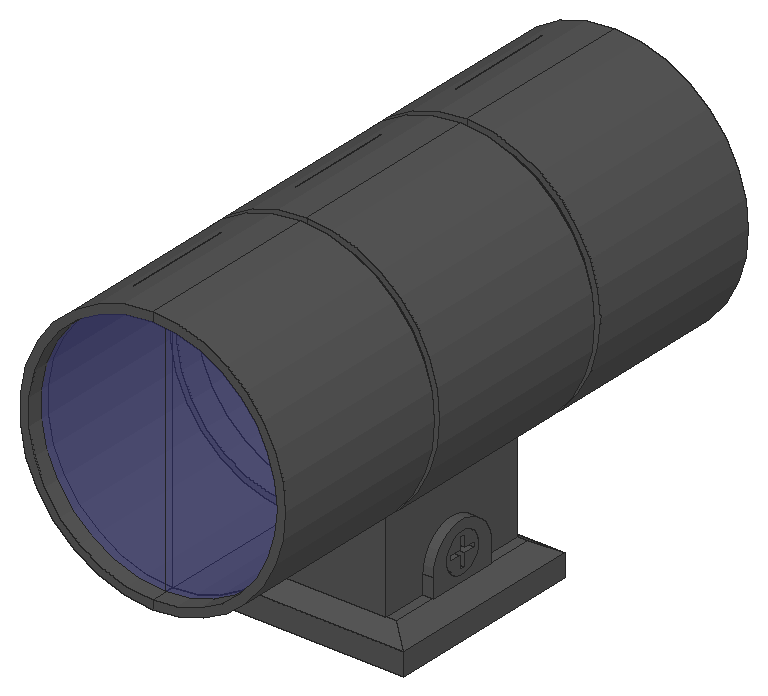
Revit family "CARLO CYLINDER LIGHT WALL MOUNT", category Lighting Fixtures, host Face, Revit 2020 (continued)
Types (10): name | Wattage_Input | Wattage Comments | Wattage | Photometric Web File | built-in parameter 1150142 | Model | built-in parameter 1150105 | Lumens | Light Length 1 | LIGHT RADIUS | LIGHT PLACEMENT | LIGHT LENGTH | LIGHT DIA | built-in parameter 1150106 | FIXED END HEIGHT | Curve base Height | Base Curve | BEAMING ANGLE | Apparent Load
  CCL6-13-35SPSW8-PC-60-WM-BK | 35 W | "22W/29W/35W" | 19.5231 W | "CCL6 35W 3000K 60° (up and down light).IES" | "IESNA:LM-63-2002\r\n[TEST] CCL6 35W 3000K 60¡ã (up and down light)\r\n[TESTLAB] EVERFINE\r\n[TESTDATE] 2024-07-06\r\n[ISSUEDATE] 2024-07-06 05:50:07\r\n[NEARFIELD] \r\n[LAMPPOSITION] 0,0\r\n[OTHER] EVERFINE GO-2000_V1 SYSTEM\r\n[MANUFAC] Aboveall lighting\r\nTILT=NONE\r\n1 2819.6 1 361 73 1 2 0.000 0.000 0.000\r\n1.000 1 34.9603\r\n0.0    0.5    1.0    1.5    2.0    2.5    3.0    3.5    4.0    4.5    \r\n 5.0    5.5    6.0    6.5    7.0    7.5    8.0    8.5    9.0    9.5    \r\n 10.0   10.5   11.0   11.5   12.0   12.5   13.0   13.5   14.0   14.5   \r\n 15.0   15.5   16.0   16.5   17.0   17.5   18.0   18.5   19.0   19.5   \r\n 20.0   20.5   21.0   21.5   22.0   22.5   23.0   23.5   24.0   24.5   \r\n 25.0   25.5   26.0   26.5   27.0   27.5   28.0   28.5   29.0   29.5   \r\n 30.0   30.5   31.0   31.5   32.0   32.5   33.0   33.5   34.0   34.5   \r\n 35.0   35.5   36.0   36.5   37.0   37.5   38.0   38.5   39.0   39.5   \r\n 40.0   40.5   41.0   41.5   42.0   42.5   43.0   43.5   44.0   44.5   \r\n 45.0   45.5   46.0   46.5   47.0   47.5   48.0   48.5   49.0   49.5   \r\n 50.0   50.5   51.0   51.5   52.0   52.5   53.0   53.5   54.0   54.5   \r\n 55.0   55.5   56.0   56.5   57.0   57.5   58.0   58.5   59.0   59.5   \r\n 60.0   60.5   61.0   61.5   62.0   62.5   63.0   63.5   64.0   64.5   \r\n 65.0   65.5   66.0   66.5   67.0   67.5   68.0   68.5   69.0   69.5   \r\n 70.0   70.5   71.0   71.5   72.0   72.5   73.0   73.5   74.0   74.5   \r\n 75.0   75.5   76.0   76.5   77.0   77.5   78.0   78.5   79.0   79.5   \r\n 80.0   80.5   81.0   81.5   82.0   82.5   83.0   83.5   84.0   84.5   \r\n 85.0   85.5   86.0   86.5   87.0   87.5   88.0   88.5   89.0   89.5   \r\n 90.0   90.5   91.0   91.5   92.0   92.5   93.0   93.5   94.0   94.5   \r\n 95.0   95.5   96.0   96.5   97.0   97.5   98.0   98.5   99.0   99.5   \r\n 100.0  100.5  101.0  101.5  102.0  102.5  103.0  103.5  104.0  104.5  \r\n 105.0  105.5  106.0  106.5  107.0  107.5  108.0  108.5  109.0  109.5  \r\n 110.0  110.5  111.0  111.5  112.0  112.5  113.0  113.5  114.0  114.5  \r\n 115.0  115.5  116.0  116.5  117.0  117.5  118.0  118.5  119.0  119.5  \r\n 120.0  120.5  121.0  121.5  122.0  122.5  123.0  123.5  124.0  124.5  \r\n 125.0  125.5  126.0  126.5  127.0  127.5  128.0  128.5  129.0  129.5  \r\n 130.0  130.5  131.0  131.5  132.0  132.5  133.0  133.5  134.0  134.5  \r\n 135.0  135.5  136.0  136.5  137.0  137.5  138.0  138.5  139.0  139.5  \r\n 140.0  140.5  141.0  141.5  142.0  142.5  143.0  143.5  144.0  144.5  \r\n 145.0  145.5  146.0  146.5  147.0  147.5  148.0  148.5  149.0  149.5  \r\n 150.0  150.5  151.0  151.5  152.0  152.5  153.0  153.5  154.0  154.5  \r\n 155.0  155.5  156.0  156.5  157.0  157.5  158.0  158.5  159.0  159.5  \r\n 160.0  160.5  161.0  161.5  162.0  162.5  163.0  163.5  164.0  164.5  \r\n 165.0  165.5  166.0  166.5  167.0  167.5  168.0  168.5  169.0  169.5  \r\n 170.0  170.5  171.0  171.5  172.0  172.5  173.0  173.5  174.0  174.5  \r\n 175.0  175.5  176.0  176.5  177.0  177.5  178.0  178.5  179.0  179.5  \r\n 180.0  \r\n0.0    5.0    10.0   15.0   20.0   25.0   30.0   35.0   40.0   45.0   \r\n 50.0   55.0   60.0   65.0   70.0   75.0   80.0   85.0   90.0   95.0   \r\n 100.0  105.0  110.0  115.0  120.0  125.0  130.0  135.0  140.0  145.0  \r\n 150.0  155.0  160.0  165.0  170.0  175.0  180.0  185.0  190.0  195.0  \r\n 200.0  205.0  210.0  215.0  220.0  225.0  230.0  235.0  240.0  245.0  \r\n 250.0  255.0  260.0  265.0  270.0  275.0  280.0  285.0  290.0  295.0  \r\n 300.0  305.0  310.0  315.0  320.0  325.0  330.0  335.0  340.0  345.0  \r\n 350.0  355.0  360.0  \r\n1391.1 1398.4 1398.3 1397.1 1395.3 1394 1392.3 1389.5 1386.4 1383.6 \r\n 1381.1 1379 1377.3 1376 1374.5 1372.3 1369.2 1365.1 1360.1 1354.4 \r\n 1347.7 1339.7 1330.9 1321.9 1312.2 1301.5 1290.4 1279.8 1269.4 1259.5 \r\n 1249.8 1240 1230.1 1220 1209.4 1197.7 1185.5 1173 1160.2 1146.8 \r\n 1132.9 1118.9 1104.5 1089.6 1074 1057.6 1040.3 1022.2 1003.1 982.85 \r\n 961.54 939.49 916.22 891.13 864.9 837.29 810.44 786.76 765.21 745.53 \r\n 727.75 712.13 697.62 683.09 668.99 655.5 642.35 629.28 616.43 603.98 \r\n 591.59 578.89 566.11 553.42 540.71 528.33 515.08 500.45 482.74 459.5 \r\n 432.53 402.52 370.48 337.52 304.05 270.87 237.88 203.92 172.96 150.41 \r\n 130.73 109.73 88.757 65.741 46.793 39.857 37.363 33.821 30.94 28.734 \r\n 26.801 24.588 22.563 21.093 19.935 18.988 18.189 17.435 16.743 16.094 \r\n 15.486 14.907 14.375 13.911 13.491 13.091 12.724 12.396 12.101 11.842 \r\n 11.603 11.366 11.147 10.969 10.789 10.554 10.318 10.14 9.9558 9.709 \r\n 9.4368 9.1549 8.8723 8.6106 8.3469 8.0577 7.7665 7.4945 7.225 6.9444 \r\n 6.6642 6.3921 6.127 5.8741 5.6231 5.3609 5.1024 4.8644 4.629 4.3774 \r\n 4.1284 3.8992 3.675 3.4382 3.2143 3.0373 2.8644 2.6494 2.4365 2.2642 \r\n 2.1028 1.9323 1.7623 1.5929 1.4336 1.3028 1.1771 1.0298 0.88898 0.78178 \r\n 0.68356 0.57167 0.46732 0.38951 0.32219 0.25148 0.18981 0.15187 0.11699 0.059115 \r\n 0.0092012 0 0.000086 0.037353 0.087212 0.13296 0.18727 0.26238 0.34297 0.41173 \r\n 0.48696 0.58301 0.69453 0.82609 0.96228 1.0854 1.207 1.3283 1.4633 1.6383 \r\n 1.8188 1.9672 2.12 2.3121 2.5117 2.6931 2.8727 3.0657 3.269 3.4892 \r\n 3.7133 3.9215 4.1411 4.4078 4.6767 4.9034 5.1226 5.356 5.5991 5.8583 \r\n 6.1235 6.3867 6.6485 6.9095 7.1615 7.3898 7.615 7.8652 8.1035 8.2888 \r\n 8.4615 8.6608 8.8499 8.9956 9.1268 9.2572 9.3993 9.5776 9.7708 9.9575 \r\n 10.163 10.412 10.687 10.968 11.279 11.641 12.03 12.426 12.839 13.271 \r\n 13.736 14.251 14.808 15.392 16.033 16.75 17.552 18.434 19.463 20.715 \r\n 22.162 23.778 25.631 27.654 30.213 33.711 37.978 42.003 48.723 61.117 \r\n 78.05 99.656 125.11 153.96 185.21 217.92 251.4 284.51 317.66 351.12 \r\n 384.17 416.56 447.13 475.22 499.14 515.69 528.79 541.28 553.29 566.08 \r\n 579.02 591.76 604.73 618.48 632.37 645.72 659.17 673.32 687.54 701.03 \r\n 714.99 730.49 747.25 765.22 784.86 806.83 830.53 856.11 881.9 905.9 \r\n 929.16 952.27 974.64 995.8 1016 1035.5 1053.9 1070.4 1086.4 1102.8 \r\n 1118.8 1133.5 1147.6 1161.4 1174.9 1187.8 1200.2 1211.9 1222.8 1232.9 \r\n 1242.7 1252.8 1263 1273.7 1284.1 1294 1303.4 1312.4 1321 1329.2 \r\n 1336.8 1343.7 1349.9 1355.7 1360.6 1364.4 1367.2 1368.6 1369.8 1371.7 \r\n 1374.3 1377.7 1381.5 1385.3 1388.9 1391.8 1394.3 1396.5 1397.9 1398.2 \r\n 1412.7 \r\n1391.1 1397 1396.8 1395.4 1393.6 1392.1 1390.1 1387.3 1384.2 1381.5 \r\n 1379.1 1376.9 1375.2 1374 1372.7 1370.3 1367.1 1362.9 1357.9 1352.1 \r\n 1345.3 1337.6 1329.1 1320 1310.3 1299.7 1288.8 1278.4 1268.2 1258.4 \r\n 1248.8 1239.2 1229.5 1219.3 1208.4 1196.7 1184.3 1171.7 1158.7 1145.4 \r\n 1131.6 1117.4 1102.7 1087.5 1071.6 1054.9 1037.4 1018.9 999.37 978.72 \r\n 957 934.29 910.45 885.21 858.97 831.26 804.5 781.37 760.53 741.62 \r\n 724.44 708.92 694.34 679.87 665.8 652.2 638.89 625.71 612.73 600.04 \r\n 587.45 574.79 562.07 549.21 536.33 524.12 510.82 495.22 476.27 451.83 \r\n 423.91 393.63 361.54 328.37 294.69 261.25 228.14 194.59 163.97 140.93 \r\n 120.89 100.39 80.805 60.932 45.002 38.878 36.459 33.104 30.304 28.124 \r\n 26.201 24.045 22.1 20.737 19.677 18.776 18 17.262 16.58 15.945 \r\n 15.352 14.786 14.265 13.808 13.392 12.997 12.636 12.316 12.028 11.768 \r\n 11.527 11.292 11.075 10.899 10.721 10.492 10.262 10.087 9.9049 9.6574 \r\n 9.3852 9.1087 8.8306 8.5656 8.298 8.0114 7.7234 7.4507 7.1791 6.895 \r\n 6.6132 6.3469 6.0871 5.8296 5.5736 5.3142 5.0594 4.8195 4.5819 4.3319 \r\n 4.0857 3.8595 3.6377 3.4012 3.1772 3.0018 2.83 2.6128 2.3979 2.2276 \r\n 2.0687 1.8977 1.7274 1.5599 1.4031 1.2744 1.1504 1.0036 0.863 0.75677 \r\n 0.65972 0.549 0.44581 0.36904 0.30274 0.23335 0.17262 0.13345 0.098806 0.047556 \r\n 0.0049263 0 0.000073 0.03243 0.077026 0.12131 0.17436 0.24515 0.32145 0.38899 \r\n 0.46282 0.55441 0.66036 0.78546 0.91669 1.0401 1.1634 1.2851 1.4181 1.5832 \r\n 1.7557 1.9097 2.0688 2.2545 2.447 2.6298 2.8149 3.0079 3.2104 3.4303 \r\n 3.6538 3.8608 4.078 4.3382 4.6026 4.8348 5.0604 5.2923 5.5325 5.7921 \r\n 6.0569 6.3136 6.5698 6.8331 7.0905 7.3259 7.5559 7.7996 8.0328 8.2296 \r\n 8.415 8.6134 8.8009 8.9553 9.0957 9.2279 9.3688 9.5432 9.7324 9.9193 \r\n 10.124 10.363 10.626 10.904 11.21 11.563 11.942 12.334 12.744 13.166 \r\n 13.619 14.12 14.662 15.239 15.87 16.571 17.352 18.211 19.208 20.404 \r\n 21.788 23.351 25.14 27.085 29.523 32.833 36.83 40.638 46.71 57.103 \r\n 72.132 93.671 119.09 146.16 175.56 207.8 241.24 274.22 307.38 341.08 \r\n 374.47 407.1 438.13 467.17 492.37 510.69 525.32 538.14 550.08 562.99 \r\n 576.04 588.84 601.82 615.42 629.18 642.61 656.13 670.1 684.14 697.67 \r\n 711.66 726.93 743.3 760.73 779.66 800.62 823.38 848.49 874.18 898.6 \r\n 922.43 945.87 968.54 990.07 1010.6 1030.4 1049.1 1066 1082.3 1099 \r\n 1115.1 1130.1 1144.4 1158.3 1171.7 1184.8 1197.3 1209.3 1220.5 1230.7 \r\n 1240.6 1250.7 1261 1271.4 1281.7 1291.8 1301.5 1310.7 1319.4 1327.7 \r\n 1335.4 1342.5 1349 1354.8 1359.9 1363.8 1366.8 1368.6 1370 1371.9 \r\n 1374.3 1377.5 1381.2 1385 1388.7 1391.9 1394.7 1396.8 1398.2 1398.7 \r\n 1412.7 \r\n1391.1 1395.5 1395.1 1393.8 1392 1390.1 1387.9 1385.1 1382.1 1379.5 \r\n 1377 1374.8 1373 1372 1370.8 1368.2 1364.7 1360.6 1355.7 1349.7 \r\n 1342.8 1335.4 1327.2 1318.2 1308.5 1298.1 1287.5 1277.3 1267.3 1257.6 \r\n 1248.1 1238.7 1229 1218.7 1207.7 1195.8 1183.4 1170.6 1157.4 1144.2 \r\n 1130.5 1116 1101 1085.5 1069.3 1052.4 1034.6 1015.7 995.8 974.81 \r\n 952.7 929.31 904.88 879.54 853.39 825.72 799.12 776.47 756.26 738.07 \r\n 721.46 705.91 691.15 676.71 662.64 648.88 635.37 622.04 608.89 595.89 \r\n 583.05 570.46 557.85 544.87 531.86 519.79 506.39 489.79 469.61 444.15 \r\n 415.48 385.11 353.11 319.82 285.97 252.29 219.1 186.16 155.96 131.92 \r\n 110.98 90.799 72.625 56.267 43.698 38.236 35.654 32.461 29.756 27.563 \r\n 25.616 23.538 21.692 20.412 19.419 18.552 17.794 17.07 16.4 15.779 \r\n 15.2 14.649 14.141 13.69 13.278 12.889 12.534 12.223 11.941 11.68 \r\n 11.437 11.204 10.989 10.812 10.636 10.416 10.197 10.022 9.8387 9.5935 \r\n 9.3253 9.056 8.7835 8.515 8.2435 7.9611 7.6779 7.4046 7.1307 6.8438 \r\n 6.5611 6.3014 6.0474 5.7853 5.5241 5.2684 5.0181 4.7769 4.5376 4.2896 \r\n 4.0463 3.8227 3.6033 3.3694 3.1471 2.971 2.7978 2.5801 2.3649 2.1949 \r\n 2.0363 1.8651 1.6952 1.5308 1.3773 1.2491 1.125 0.97941 0.83996 0.73352 \r\n 0.6364 0.52741 0.42602 0.34946 0.28323 0.21522 0.15544 0.11372 0.078438 0.03563 \r\n 0.002182 0 0.000054 0.028165 0.068253 0.11168 0.16363 0.22903 0.30005 0.36705 \r\n 0.44038 0.52745 0.62739 0.74519 0.87075 0.99449 1.1197 1.2434 1.3752 1.5287 \r\n 1.6912 1.8521 2.0189 2.1978 2.3827 2.5685 2.7583 2.9523 3.1545 3.373 \r\n 3.5952 3.8034 4.0201 4.2719 4.5295 4.7681 5.0017 5.2328 5.4704 5.7307 \r\n 5.995 6.2454 6.496 6.7608 7.0233 7.2688 7.5064 7.7428 7.9704 8.1817 \r\n 8.3829 8.5804 8.766 8.9311 9.083 9.2198 9.3609 9.5299 9.7127 9.8992 \r\n 10.101 10.327 10.577 10.85 11.153 11.494 11.861 12.248 12.652 13.065 \r\n 13.505 13.99 14.517 15.085 15.707 16.388 17.146 17.985 18.951 20.087 \r\n 21.4 22.898 24.618 26.502 28.835 31.923 35.641 39.338 44.89 53.38 \r\n 66.53 87.862 113.05 138.15 165.58 197.33 230.78 263.66 296.84 330.78 \r\n 364.48 397.28 428.65 458.45 484.82 505.09 521.48 534.72 546.64 559.67 \r\n 572.78 585.61 598.55 611.98 625.56 639.04 652.6 666.37 680.23 693.89 \r\n 707.99 723.07 739.08 756 774.26 794.22 816.04 840.58 866.08 890.97 \r\n 915.45 939.22 962.18 984.09 1005 1025.1 1044 1061.3 1077.9 1094.8 \r\n 1111 1126.3 1140.8 1154.6 1168 1181.2 1194 1206.2 1217.7 1228 \r\n 1238 1248.2 1258.3 1268.5 1278.7 1289 1299.1 1308.6 1317.6 1325.9 \r\n 1333.7 1341 1347.8 1353.8 1358.9 1363.1 1366.3 1368.5 1370.2 1372.1 \r\n 1374.3 1377.2 1380.6 1384.4 1388.2 1391.8 1394.8 1396.9 1398.3 1399 \r\n 1412.7 \r\n1391.1 1393.9 1393.4 1392.1 1390.3 1388.1 1385.7 1382.9 1380.1 1377.5 \r\n 1375 1372.7 1370.8 1369.9 1368.7 1365.9 1362.2 1358.1 1353.2 1347.1 \r\n 1340.2 1333.1 1325.3 1316.3 1306.6 1296.4 1286.1 1276.2 1266.4 1256.8 \r\n 1247.2 1238 1228.4 1217.9 1206.7 1194.7 1182.2 1169.2 1156 1142.8 \r\n 1129.1 1114.4 1099 1083.3 1066.8 1049.7 1031.6 1012.4 992.01 970.7 \r\n 948.22 924.15 899.13 873.73 847.73 820.25 793.96 771.77 752.1 734.59 \r\n 718.49 702.87 687.87 673.41 659.33 645.41 631.7 618.2 604.85 591.52 \r\n 578.43 565.92 553.45 540.41 527.3 515.29 501.66 484.01 462.61 436.27 \r\n 407.03 376.67 344.83 311.49 277.53 243.63 210.42 178.29 148.62 123.32 \r\n 101.18 81.292 64.602 51.856 42.706 37.784 34.894 31.848 29.251 27.024 \r\n 25.038 23.053 21.324 20.109 19.159 18.318 17.576 16.864 16.205 15.598 \r\n 15.034 14.501 14.008 13.562 13.154 12.772 12.425 12.123 11.848 11.587 \r\n 11.342 11.11 10.897 10.718 10.541 10.334 10.125 9.9483 9.7611 9.52 \r\n 9.2582 8.9967 8.7296 8.4576 8.1823 7.9052 7.6278 7.3539 7.0779 6.7893 \r\n 6.5067 6.2533 6.0049 5.7388 5.4734 5.2217 4.9762 4.7341 4.4935 4.248 \r\n 4.008 3.7861 3.5688 3.3393 3.1202 2.9415 2.7651 2.5484 2.3347 2.1634 \r\n 2.0034 1.8322 1.6636 1.5033 1.3535 1.2244 1.099 0.95546 0.81804 0.71069 \r\n 0.61277 0.50615 0.40726 0.33053 0.26385 0.19741 0.13873 0.093783 0.057389 0.02398 \r\n 0.00066092 0 0.000032 0.024298 0.060341 0.10329 0.1543 0.21384 0.27916 0.34603 \r\n 0.4194 0.50225 0.59634 0.70678 0.82648 0.95024 1.0775 1.204 1.3355 1.4767 \r\n 1.6286 1.7967 1.9718 2.1439 2.3211 2.5101 2.7051 2.9003 3.1022 3.3185 \r\n 3.5388 3.75 3.9682 4.2104 4.4599 4.7052 4.9474 5.1782 5.4136 5.6745 \r\n 5.9385 6.1833 6.4291 6.6945 6.9616 7.2187 7.4656 7.6951 7.9172 8.1443 \r\n 8.3625 8.5592 8.7429 8.9194 9.0841 9.2271 9.3698 9.5325 9.7077 9.8934 \r\n 10.093 10.305 10.54 10.808 11.106 11.434 11.788 12.168 12.567 12.969 \r\n 13.398 13.867 14.379 14.937 15.547 16.209 16.944 17.764 18.699 19.774 \r\n 21.015 22.441 24.089 25.929 28.171 31.023 34.465 38.128 43.269 50.022 \r\n 61.385 82.32 107.07 130.2 155.71 186.99 220.43 253.23 286.46 320.6 \r\n 354.55 387.46 419.09 449.49 476.9 499.18 517.44 531.18 543.14 556.28 \r\n 569.41 582.24 595.12 608.35 621.75 635.23 648.79 662.37 676.07 689.89 \r\n 704.13 719.07 734.77 751.23 768.85 787.88 808.8 832.71 857.94 883.31 \r\n 908.45 932.57 955.82 978.1 999.39 1019.7 1038.8 1056.6 1073.5 1090.5 \r\n 1106.8 1122.3 1137 1150.8 1164.2 1177.5 1190.4 1202.8 1214.5 1225.1 \r\n 1235.3 1245.4 1255.4 1265.4 1275.4 1286.1 1296.6 1306.4 1315.6 1323.9 \r\n 1331.8 1339.4 1346.4 1352.5 1357.8 1362.2 1365.7 1368.4 1370.4 1372.2 \r\n 1374.2 1376.8 1379.8 1383.6 1387.6 1391.4 1394.8 1397 1398.4 1399.3 \r\n 1412.7 \r\n1391.1 1392.4 1391.8 1390.5 1388.7 1386.2 1383.5 1380.8 1378.1 1375.5 \r\n 1373.1 1370.7 1368.7 1367.8 1366.6 1363.5 1359.6 1355.5 1350.6 1344.3 \r\n 1337.4 1330.5 1323 1314.1 1304.4 1294.5 1284.4 1274.7 1265.1 1255.5 \r\n 1246 1236.8 1227.3 1216.6 1205.1 1193.1 1180.5 1167.4 1154 1140.8 \r\n 1127.1 1112.2 1096.5 1080.4 1063.7 1046.4 1028 1008.4 987.59 965.97 \r\n 943.12 918.41 892.84 867.37 841.57 814.46 788.65 766.95 747.8 730.89 \r\n 715.22 699.52 684.3 669.81 655.7 641.65 627.77 614.11 600.57 586.94 \r\n 573.62 561.18 548.84 535.83 522.65 510.54 496.52 477.74 455.13 428.01 \r\n 398.32 367.98 336.31 302.98 268.99 234.93 201.77 170.63 141.64 115.06 \r\n 91.672 72.226 57.119 47.811 41.856 37.373 34.126 31.223 28.749 26.484 \r\n 24.457 22.581 20.98 19.817 18.896 18.075 17.346 16.648 16 15.408 \r\n 14.86 14.346 13.869 13.43 13.026 12.653 12.315 12.022 11.755 11.494 \r\n 11.249 11.019 10.807 10.624 10.446 10.25 10.052 9.8697 9.6758 9.4392 \r\n 9.185 8.9302 8.6676 8.3922 8.1137 7.8422 7.5709 7.2965 7.0187 6.7299 \r\n 6.4486 6.2002 5.9561 5.6878 5.42 5.1724 4.9313 4.6886 4.4471 4.2047 \r\n 3.9682 3.7471 3.5312 3.3075 3.0929 2.9101 2.729 2.5151 2.3046 2.1308 \r\n 1.9678 1.7967 1.6301 1.4746 1.329 1.1983 1.0707 0.92989 0.7954 0.68696 \r\n 0.58803 0.48448 0.38884 0.31199 0.2448 0.18022 0.12292 0.074741 0.037159 0.01325 \r\n 0.000055 0 0.000010 0.020569 0.052738 0.095351 0.14557 0.19941 0.25919 0.32601 \r\n 0.39965 0.47894 0.56792 0.6717 0.78594 0.90918 1.0379 1.168 1.3 1.4295 \r\n 1.5711 1.746 1.929 2.0946 2.2646 2.4569 2.657 2.8533 3.0544 3.2678 \r\n 3.486 3.7017 3.9226 4.1554 4.3964 4.648 4.8984 5.1293 5.363 5.6242 \r\n 5.8878 6.1288 6.3711 6.6365 6.9071 7.1759 7.4329 7.6565 7.8741 8.1167 \r\n 8.3513 8.5473 8.7292 8.9168 9.0941 9.2444 9.3896 9.5461 9.7133 9.8982 \r\n 10.095 10.293 10.514 10.777 11.069 11.384 11.724 12.097 12.489 12.883 \r\n 13.3 13.
